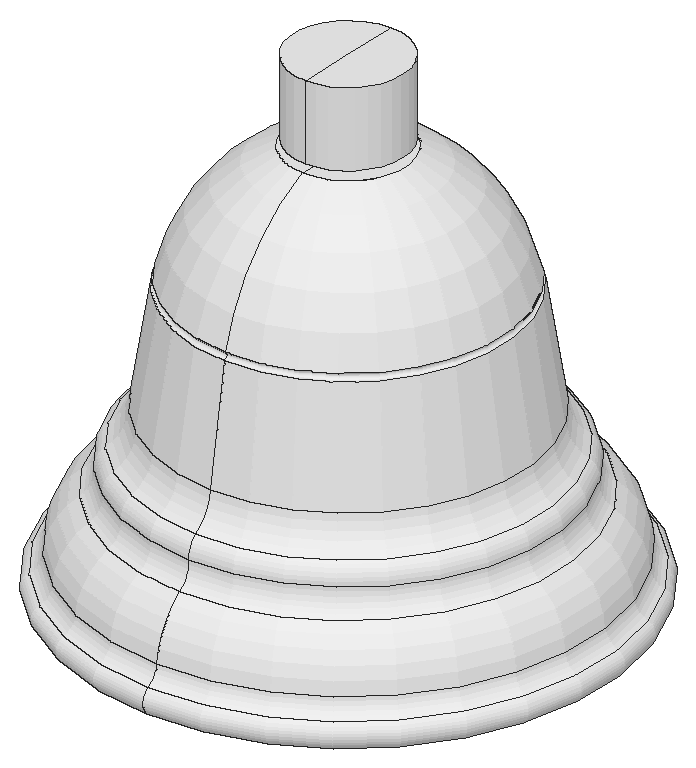
Revit family "Showerhead-American_Standard-Traditional-1660.113_Series", category Plumbing Fixtures, Revit 2015
Parameters (values of type "1660.113.002")
  Waste Connection = yes
  WFU = 4
  Vent Connection = no
  URL = "https://www.americanstandard-us.com/"
  Type Comments = ""
  Product Page URL = "https://www.americanstandard-us.com/bathroom/shower-faucets/flowise-traditional-3-function-water-saving-sh-20198"
  Product Documentation Link = "https://www.americanstandard-us.com/-/media/sites/asus/files/product-specs/bulk/specsheet1660113.pdf?la=en"
  Price = "Prices may vary. Please consult Manufacturer Representative for most up-to-date price list."  # constant formula
  NPT Connection Size = 1/2"
  Model = "1660.113.002"
  Material = "Brass-American Standard-002-Polished Chrome"
  Manufacturer = "American Standard"
  Length = 4 1/2"  # constant formula
  Height = 4 3/4"  # constant formula
  HWFU = 3
  HW Connection = yes
  Flow Rate = "1.5 gpm (5.7 L/min)"
  Finish = Brass-American Standard-002-Polished Chrome
  Description = "Flowise Traditional 3 Function Water Saving SH"  # constant formula
  Default Elevation = 0"
  Creation Date = "11/24/2016"
  CWFU = 2
  CW Connection = yes
  Assembly Code = "D2010700"
Types (4): name | Model | Material | Finish
  (no name) | "1660.113.002" | "Brass-American Standard-002-Polished Chrome" | Brass-American Standard-002-Polished Chrome
  1660.113.002 | "1660.113.002" | "Brass-American Standard-002-Polished Chrome" | Brass-American Standard-002-Polished Chrome
  1660.113.295 | "1660.113.295" | "Brass-American Standard-295-Brushed Nickel" | Brass-American Standard-295-Brushed Nickel
  1660.113.224 | "1660.113.224" | "Brass-American Standard-224-Oil-Rubbed Bronze" | Brass-American Standard-224-Oil-Rubbed Bronze
Reference planes (in)
  plane 1 "Center (Front/Back)": y = 0
  plane 2: z = 0
  plane 3 "Center (Left/Right)": x = 0
  plane 4: z = -3.25
  plane 5: x = 2.375
  plane 6: x = -2.375
  plane 7: y = 2.375
  plane 8: y = -2.375
  plane 9: y = 0
  plane 10: y = -2.25
  plane 11: y = 2.25
  plane 12: z = -4.72243
  plane 13: z = 0.02757
Forms (in)
  Revolve 1, solid, material "Brass-American Standard-002-Polished Chrome" <- "Finish"
    sketch origin (0, 50.40101, 4.08117) x (0, 0, 1) y (0, -1, 0)
      loop
        line (-4.8036, 50.73388) -> (-4.8036, 50.90101)
        arc (-4.8036, 50.90101) -> (-5.22675, 51.44902) -> (-5.85075, 51.74898) r 1.50189
        arc (-5.85075, 51.74898) -> (-5.88529, 51.7347) -> (-5.90593, 51.76585) r 0.02939
        arc (-5.90593, 51.76585) -> (-6.38008, 51.85889) -> (-6.85979, 51.91693) r 6.58612
        arc (-6.85979, 51.91693) -> (-7.01817, 51.96655) -> (-7.14034, 52.0789) r 0.38037
        arc (-7.14034, 52.0789) -> (-7.21361, 52.14061) -> (-7.30798, 52.15708) r 0.18384
        arc (-7.30798, 52.15708) -> (-7.42716, 52.17787) -> (-7.5197, 52.2558) r 0.23217
        arc (-7.5197, 52.2558) -> (-7.71777, 52.43634) -> (-7.97455, 52.51306) r 0.60224
        arc (-7.97455, 52.51306) -> (-8.05967, 52.54054) -> (-8.12167, 52.60501) r 0.18342
        arc (-8.12167, 52.60501) -> (-8.2522, 52.66369) -> (-8.34825, 52.5576) r 0.12167
        line (-8.34825, 52.5576) -> (-8.34825, 51.92727)
        arc (-8.34825, 51.92727) -> (-8.62914, 51.50332) -> (-8.73899, 51.00677) r 1.39195
        line (-8.73899, 51.00677) -> (-8.8036, 50.94215) -> (-8.8036, 50.40101) -> (-4.08117, 50.40101) -> (-4.08117, 50.87541) -> (-4.73742, 50.87541) -> (-4.73742, 50.73388) -> (-4.8036, 50.73388)
      axis (-8.8036, 50.40101) -> (-4.08117, 50.40101)
    angle from 0 to 360
  Extrusion 2, solid, material "Brass-American Standard-002-Polished Chrome" <- "Finish"
    sketch origin (2.78201, 8.61976, 2.52757) x (1, 0, 0) y (0, 0, -1)
      loop
        line (-0.85435, 6.65778) -> (-0.85435, 6.86495)
        arc (-0.85435, 6.86495) -> (-1.02904, 7.03964) -> (-1.20373, 6.86495) r 0.17469
        line (-1.20373, 6.86495) -> (-1.20373, 6.65778) -> (-0.85435, 6.65778)
      loop
        line (-4.70967, 6.65778) -> (-4.36029, 6.65778) -> (-4.36029, 6.86495)
        arc (-4.36029, 6.86495) -> (-4.53498, 7.03964) -> (-4.70967, 6.86495) r 0.17469
        line (-4.70967, 6.86495) -> (-4.70967, 6.65778)
    from -8.7149 to -8.51139
  Extrusion 3, solid
    sketch origin (2.78201, 8.61976, 2.53538) x (0, -1, 0) y (1, 0, 0)
      loop
        circle (9.51585, -2.78201) r 0.07173
      loop
        circle (7.71044, -2.78201) r 0.07173
      loop
        circle (8.61315, -3.68471) r 0.07173
      loop
        circle (8.61315, -1.87931) r 0.07173
      loop
        circle (7.97484, -3.42032) r 0.07173
      loop
        circle (9.25145, -2.1437) r 0.07173
      loop
        circle (7.97484, -2.1437) r 0.07173
      loop
        circle (9.25145, -3.42032) r 0.07173
      loop
        circle (7.7704, -2.45851) r 0.07173
      loop
        circle (9.45589, -3.10551) r 0.07173
      loop
        circle (7.7704, -3.10551) r 0.07173
      loop
        circle (9.45589, -2.45851) r 0.07173
      loop
        circle (8.93665, -3.62476) r 0.07173
      loop
        circle (8.28965, -1.93926) r 0.07173
      loop
        circle (8.28965, -3.62476) r 0.07173
      loop
        circle (8.93665, -1.93926) r 0.07173
      loop
        circle (9.75174, -2.9613) r 0.07173
      loop
        circle (9.75174, -2.60272) r 0.07173
      loop
        circle (7.47455, -2.9613) r 0.07173
      loop
        circle (7.47455, -2.60272) r 0.07173
      loop
        circle (8.79243, -1.64342) r 0.07173
      loop
        circle (8.43386, -1.64342) r 0.07173
      loop
        circle (8.79243, -3.9206) r 0.07173
      loop
        circle (8.43386, -3.9206) r 0.07173
      loop
        circle (9.61186, -3.35742) r 0.07173
      loop
        circle (7.61443, -2.2066) r 0.07173
      loop
        circle (9.61186, -2.2066) r 0.07173
      loop
        circle (7.61443, -3.35742) r 0.07173
      loop
        circle (9.29148, -1.85013) r 0.07173
      loop
        circle (7.93481, -3.71389) r 0.07173
      loop
        circle (9.29148, -3.71389) r 0.07173
      loop
        circle (7.93481, -1.85013) r 0.07173
    from -7.19664 to -6.65778
Lines and regions (in)
  Masking region 1
    outline origin (0, 0, 0) x (1, 0, 0) y (0, 1, 0)
      loop
        circle (0, 0) r 2.28216
  symbolic lines, detail levels medium+fine
    curve 1: circle (0, 0, 0) r 0.47439 normal (0, 0, 1)
    curve 2: circle (0, 0, 0) r 1.36484 normal (0, 0, 1)
    curve 3: circle (0, 0, 0) r 1.75 normal (0, 0, 1)
    curve 4: circle (0, 0, 0) r 2.12736 normal (0, 0, 1)
    curve 5: circle (0, 0, 0) r 1.33827 normal (0, 0, 1)
    curve 6: circle (0, 0, 0) r 0.25 normal (0, 0, 1)
Dimensions and locks (in)
  equal spacing: plane 11, plane 9, plane 10
  locked: plane 10 to plane 11 at 4.5
  locked: plane 13 to plane 12 at 4.75
Connectors (in)
  piping at (0, 0, 0), diameter 0.5, driven by "NPT Connection Size"
    settings: on Revolve 1, index 1, connector inside diameter 24", connector length 0", flow factor 0, pipe flow 0 GPM, pressure drop 0.00 psi, fitting loss kfactor 0, connector angle 0.00°, fixture units 0, engagement length 0", angle of deflection 0.00°, flow configuration 0, flow direction 1, fitting loss method 0, system type 29, joint type 0, gender type 0, connector reference index -1, connector utility 0, adjustable connector no, is connector primary yes, connector description "1/2\" NPT Supply Inlet"
